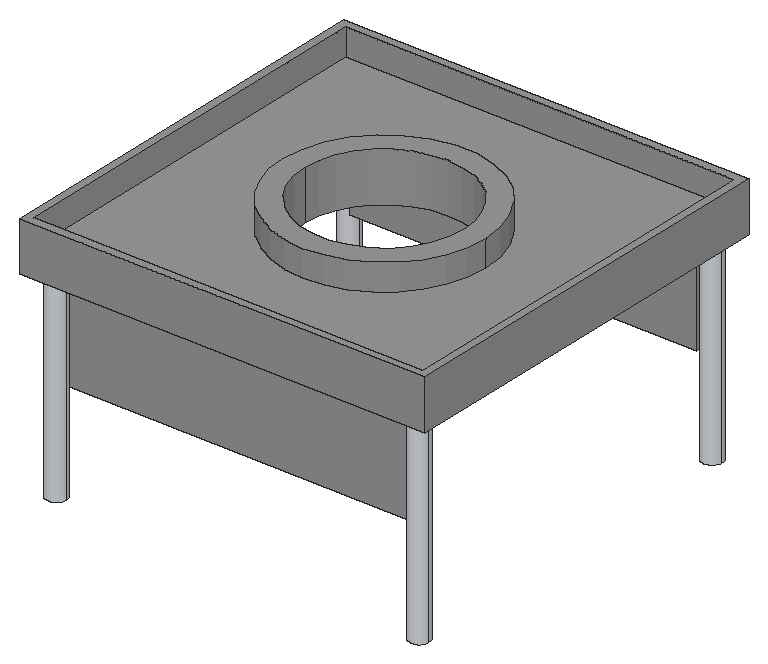
Revit family "Nivellierbare Schwerlastkassette für Tubus, RKFNSL, 16, 9", category Generic Models, Revit 2015
Parameters (values of type "RKFN2 9 VMSL1N16")
  Width = 243 mm
  URL = "http://www.obo-bettermann.com"
  Material = Stainless Steel, Polished
  Manufacturer Art.No. = "7409388"
  Manufacturer = "OBO Bettermann"
  Length = 243 mm
  HeightCalc = if(Height < 100 mm, 100 mm, (if(Height > 150 mm, 150 mm, Height)))  # 150 mm
  Height 1 = 30 mm
  Height = 150 mm
  GTIN = "4012195869214"
  Cut depth = 16 mm
  Article Type = "RKFN2 9 VMSL1N16"
Reference planes
  plane 1 "Center (Front/Back)": y = 0
  plane 2: z = 0
  plane 3 "Center (Left/Right)": x = 0
  plane 4: y = 121.5
  plane 5: y = -121.5
  plane 6: z = 150
  plane 7: z = 59
  plane 8: z = 134
  plane 9: z = 120
Forms (mm)
  Extrusion 1, solid
    sketch origin (0, 0, 0) x (1, 0, 0) y (0, 1, 0)
      loop
        circle (-109, -110) r 6
      loop
        circle (-109, 110) r 6
      loop
        circle (109, 110) r 6
      loop
        circle (109, -110) r 6
    from 0 to 120
  Extrusion 2, solid, material "Stainless Steel, Polished" <- "Material"
    sketch origin (0, 0, 0) x (1, 0, 0) y (0, 0, 1)
      loop
        line (-121.5, 150) -> (-121.5, 120) -> (121.5, 120) -> (121.5, 150) -> (-121.5, 150)
    from -121.5 to 121.5
  Extrusion 3, solid, material "Stainless Steel, Polished" <- "Material"
    sketch origin (0, 0, 0) x (1, 0, 0) y (0, 1, 0)
      loop
        line (-104.2, -104.3) -> (-104.2, -106.3) -> (104.2, -106.3) -> (104.2, -104.3) -> (-104.2, -104.3)
      loop
        line (-104.2, 106.3) -> (-104.2, 104.3) -> (104.2, 104.3) -> (104.2, 106.3) -> (-104.2, 106.3)
    from 59 to 120
  Extrusion 4, void
    sketch origin (0, 0, 0) x (1, 0, 0) y (0, 1, 0)
      loop
        line (-117.05, 117.05) -> (-117.05, -117.05) -> (117.05, -117.05) -> (117.05, 117.05) -> (-117.05, 117.05)
      loop
        circle (0, 0) r 61
    from 134 to 150
  Extrusion 5, void
    sketch origin (0, 0, 0) x (1, 0, 0) y (0, 1, 0)
      loop
        circle (0, 0) r 47.77
    from 120 to 150
Cuts and joins
  Extrusion 4 cuts Extrusion 1
  Extrusion 4, Extrusion 5 cuts Extrusion 2
  Extrusion 4 cuts Extrusion 3
Dimensions and locks
  "Width": Extrusion 2 sketch curve to Extrusion 2 sketch curve
  "HeightCalc": plane 6 to level
  locked: Extrusion 3 sketch curve to Extrusion 3 sketch curve at 208.4  (x2)
  locked: Extrusion 3 sketch curve to Extrusion 2 at 15.2
  locked: Extrusion 3 sketch curve to Extrusion 3 sketch curve at 2  (x2)
  "Cut depth": plane 6 to plane 8
  "Length": plane 4 to plane 5
  locked: plane 3 "Center (Left/Right)" to Extrusion 2 sketch curve at 121.5
  locked: plane 4 to plane 1 "Center (Front/Back)" at 121.5
  locked: Extrusion 1 sketch curve to plane 1 "Center (Front/Back)" at 110  (x2)
  locked: plane 3 "Center (Left/Right)" to Extrusion 1 sketch curve at 109  (x2)
  locked: Extrusion 1 sketch curve to plane 3 "Center (Left/Right)" at 109  (x2)
  locked: plane 1 "Center (Front/Back)" to Extrusion 1 sketch curve at 110  (x2)
  "Height 1": plane 6 to plane 9
  locked: Extrusion 3 sketch curve to plane 3 "Center (Left/Right)" at 104.2  (x2)
  locked: cut or joined group of Extrusion 2, Extrusion 4, Extrusion 5 to Extrusion 3 sketch curve at 15.2
  locked: plane 9 to plane 7 at 61
  locked: Extrusion 4 sketch curve to Extrusion 4 sketch curve at 234.1  (x2)
  equal spacing: Extrusion 4 sketch curve, plane 3 "Center (Left/Right)", Extrusion 4 sketch curve, locked at 117.05 each
  equal spacing: Extrusion 4 sketch curve, plane 1 "Center (Front/Back)", Extrusion 4 sketch curve, locked at 117.05 each
  diameter of Extrusion 1 sketch curve = 12 mm  (x4)
  diameter of Extrusion 5 sketch curve = 95.54 mm
  aligned and locked: level to plane 2
  aligned and locked: plane 5 to Extrusion 2
  aligned and locked: Extrusion 2 to plane 4
  aligned and locked: plane 6 to Extrusion 2
  aligned and locked: Extrusion 1 to Extrusion 3
  aligned and locked: Extrusion 3 to plane 7
  aligned and locked: cut or joined group of Extrusion 2, Extrusion 4, Extrusion 5 to Extrusion 4
  aligned and locked: Extrusion 4 to plane 8
  aligned and locked: Extrusion 2 to plane 9
  aligned and locked: Extrusion 1 to cut or joined group of Extrusion 2, Extrusion 4, Extrusion 5
  aligned and locked: Extrusion 2 to Extrusion 5  (x2)
Automatic sketch dimensions
  Extrusion 2 sketch curve to plane 6 = 0 mm
  plane 9 to Extrusion 2 sketch curve = 0 mm
  plane 1 "Center (Front/Back)" to Extrusion 4 sketch curve = 0 mm
  Extrusion 4 sketch curve to plane 3 "Center (Left/Right)" = 0 mm
  plane 1 "Center (Front/Back)" to Extrusion 5 sketch curve = 0 mm
  Extrusion 5 sketch curve to plane 3 "Center (Left/Right)" = 0 mm
  radius of Extrusion 4 sketch curve = 61 mm
